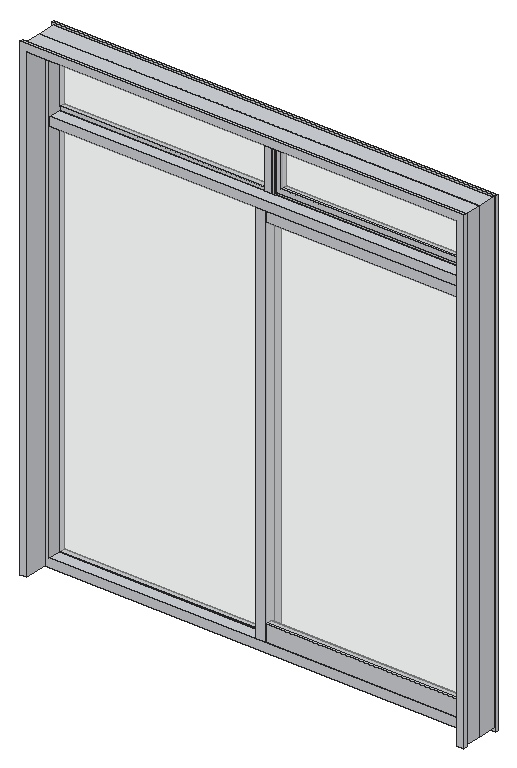
Revit family "APL Residential Thermal Heart Sliding Door SF with Overlight", category Doors, host Wall, Revit 2017 (continued)
Definition of nested family "APL Residential Thermal Heart Sliding Door SF Overlight Horizontal Section"
  Definition of nested family "Jamb Fixed"
    Definition of nested family "65400_Jamb Fixed"
      Lines and regions (mm)
        detail lines, in view "Ref. Level"
          curve 239: arc (70.893, 37, 0) -> (70.996, 37.014, 0) -> (71.093, 37.054, 0) r 0.4
          curve 240: arc (72.621, 37.939, 0) -> (72.911, 38.059, 0) -> (73.222, 38.1, 0) r 1.2
          curve 241: arc (74.145, 38.1, 0) -> (74.718, 38.281, 0) -> (75.084, 38.758, 0) r 1
          curve 242: arc (75.877, 40.937, 0) -> (76.024, 41.128, 0) -> (76.253, 41.2, 0) r 0.4
          curve 243: arc (78.947, 41.2, 0) -> (79.176, 41.128, 0) -> (79.323, 40.937, 0) r 0.4
          curve 244: arc (80.116, 38.758, 0) -> (80.482, 38.281, 0) -> (81.055, 38.1, 0) r 1
          curve 245: arc (81.978, 38.1, 0) -> (82.289, 38.059, 0) -> (82.579, 37.939, 0) r 1.2
          curve 246: arc (84.107, 37.054, 0) -> (84.204, 37.014, 0) -> (84.307, 37, 0) r 0.4
          curve 247: arc (84.6, 37, 0) -> (84.883, 37.117, 0) -> (85, 37.4, 0) r 0.4
          curve 248: arc (85, 40.8, 0) -> (84.883, 41.083, 0) -> (84.6, 41.2, 0) r 0.4
          curve 249: arc (84.307, 41.2, 0) -> (84.204, 41.186, 0) -> (84.107, 41.146, 0) r 0.4
          curve 250: arc (82.579, 40.262, 0) -> (82.285, 40.14, 0) -> (81.97, 40.1, 0) r 1.2
          curve 251: arc (81.97, 40.1, 0) -> (81.795, 40.153, 0) -> (81.684, 40.297, 0) r 0.3
          curve 252: arc (80.796, 42.737, 0) -> (80.649, 42.928, 0) -> (80.42, 43, 0) r 0.4
          curve 253: arc (74.78, 43, 0) -> (74.551, 42.928, 0) -> (74.404, 42.737, 0) r 0.4
          curve 254: arc (73.516, 40.297, 0) -> (73.405, 40.153, 0) -> (73.23, 40.1, 0) r 0.3
          curve 255: arc (73.23, 40.1, 0) -> (72.915, 40.14, 0) -> (72.621, 40.262, 0) r 1.2
          curve 256: arc (71.093, 41.146, 0) -> (70.996, 41.186, 0) -> (70.893, 41.2, 0) r 0.4
          curve 257: arc (70.6, 41.2, 0) -> (70.317, 41.083, 0) -> (70.2, 40.8, 0) r 0.4
          curve 258: line (70.6, 37, 0) -> (70.893, 37, 0)
          curve 259: line (71.093, 37.054, 0) -> (72.621, 37.939, 0)
          curve 260: line (73.222, 38.1, 0) -> (74.145, 38.1, 0)
          curve 261: line (75.084, 38.758, 0) -> (75.877, 40.937, 0)
          curve 262: line (76.253, 41.2, 0) -> (78.947, 41.2, 0)
          curve 263: line (79.323, 40.937, 0) -> (80.116, 38.758, 0)
          curve 264: line (81.055, 38.1, 0) -> (81.978, 38.1, 0)
          curve 265: line (82.579, 37.939, 0) -> (84.107, 37.054, 0)
          curve 266: line (84.307, 37, 0) -> (84.6, 37, 0)
          curve 267: line (85, 37.4, 0) -> (85, 40.8, 0)
          curve 268: line (84.6, 41.2, 0) -> (84.307, 41.2, 0)
          curve 269: line (84.107, 41.146, 0) -> (82.579, 40.262, 0)
          curve 270: line (81.684, 40.297, 0) -> (80.796, 42.737, 0)
          curve 271: line (80.42, 43, 0) -> (74.78, 43, 0)
          curve 272: line (74.404, 42.737, 0) -> (73.516, 40.297, 0)
          curve 273: line (72.621, 40.262, 0) -> (71.093, 41.146, 0)
          curve 274: line (70.893, 41.2, 0) -> (70.6, 41.2, 0)
          curve 275: line (70.2, 40.8, 0) -> (70.2, 37.4, 0)
          curve 276: arc (113.4, 7.123, 0) -> (113.327, 7.05, 0) -> (113.3, 6.95, 0) r 0.2
          curve 277: arc (113.3, 2.75, 0) -> (113.327, 2.65, 0) -> (113.4, 2.577, 0) r 0.2
          curve 278: arc (113.4, 2.577, 0) -> (113.473, 2.504, 0) -> (113.5, 2.404, 0) r 0.2
          curve 279: arc (113.5, 1.2, 0) -> (113.441, 1.059, 0) -> (113.3, 1, 0) r 0.2
          curve 280: arc (111.701, 1, 0) -> (111.559, 1.058, 0) -> (111.5, 1.2, 0) r 0.2
          curve 281: arc (111.5, 2.05, 0) -> (111, 2.549, 0) -> (110.5, 2.05, 0) r 0.5
          curve 282: arc (110.5, 0.5, 0) -> (110.646, 0.146, 0) -> (111, 0, 0) r 0.499
          curve 283: arc (114.5, 0, 0) -> (114.847, 0.153, 0) -> (115, 0.5, 0) r 0.523
          curve 284: arc (115, 21.5, 0) -> (114.856, 21.856, 0) -> (114.5, 22, 0) r 0.493
          curve 285: arc (111.7, 22, 0) -> (111.558, 22.058, 0) -> (111.5, 22.2, 0) r 0.199
          curve 286: arc (111.5, 29.801, 0) -> (110.852, 31.441, 0) -> (109.258, 32.195, 0) r 2.399
          curve 287: arc (109.258, 32.195, 0) -> (108.878, 32.412, 0) -> (108.814, 32.844, 0) r 0.5
          curve 288: arc (108.814, 32.844, 0) -> (109, 34.047, 0) -> (108.816, 35.25, 0) r 4
          curve 289: arc (108.816, 35.25, 0) -> (108.89, 35.696, 0) -> (109.293, 35.9, 0) r 0.5
          curve 290: arc (109.5, 35.9, 0) -> (110.914, 36.486, 0) -> (111.5, 37.9, 0) r 2.001
          curve 291: arc (120.75, 41.5, 0) -> (121.501, 42.253, 0) -> (120.745, 43, 0) r 0.75
          curve 292: arc (111.5, 43, 0) -> (110.439, 42.561, 0) -> (110, 41.5, 0) r 1.5
          curve 293: arc (110, 38, 0) -> (109.941, 37.859, 0) -> (109.8, 37.8, 0) r 0.2
          curve 294: arc (100.5, 37.8, 0) -> (100.146, 37.654, 0) -> (100, 37.3, 0) r 0.5
          curve 295: arc (100, 36.8, 0) -> (100.146, 36.446, 0) -> (100.5, 36.3, 0) r 0.5
          curve 296: arc (101.927, 36.3, 0) -> (102.266, 36.167, 0) -> (102.426, 35.84, 0) r 0.5
          curve 297: arc (102.426, 35.84, 0) -> (102.912, 35.197, 0) -> (103.7, 35.366, 0) r 0.75
          curve 298: arc (103.7, 35.366, 0) -> (105, 35.9, 0) -> (106.3, 35.366, 0) r 1.85
          curve 299: arc (106.3, 35.366, 0) -> (106.442, 35.256, 0) -> (106.607, 35.183, 0) r 0.75
          curve 300: arc (106.607, 35.183, 0) -> (106.791, 35.08, 0) -> (106.916, 34.91, 0) r 0.5
          curve 301: arc (106.916, 34.91, 0) -> (107.1, 34.05, 0) -> (106.916, 33.19, 0) r 2.1
          curve 302: arc (106.916, 33.19, 0) -> (106.791, 33.02, 0) -> (106.607, 32.917, 0) r 0.5
          curve 303: arc (106.607, 32.917, 0) -> (106.442, 32.844, 0) -> (106.3, 32.734, 0) r 0.75
          curve 304: arc (106.3, 32.734, 0) -> (105, 32.2, 0) -> (103.7, 32.734, 0) r 1.85
          curve 305: arc (103.7, 32.734, 0) -> (103.027, 32.936, 0) -> (102.482, 32.491, 0) r 0.75
          curve 306: arc (102.482, 32.491, 0) -> (102.32, 32.284, 0) -> (102.075, 32.188, 0) r 0.5
          curve 307: arc (102.075, 32.188, 0) -> (101.154, 31.86, 0) -> (100.481, 31.15, 0) r 2.1
          curve 308: arc (100.481, 31.15, 0) -> (100.298, 30.967, 0) -> (100.048, 30.9, 0) r 0.5
          curve 309: arc (91.556, 30.9, 0) -> (91.287, 30.978, 0) -> (91.103, 31.188, 0) r 0.5
          curve 310: arc (91.103, 31.188, 0) -> (90.328, 32.071, 0) -> (89.2, 32.4, 0) r 2.1
          curve 311: arc (87.9, 32.4, 0) -> (87.193, 32.693, 0) -> (86.9, 33.4, 0) r 1
          curve 312: arc (86.9, 42.5, 0) -> (86.754, 42.854, 0) -> (86.4, 43, 0) r 0.5
          curve 313: arc (84.083, 43, 0) -> (83.778, 42.801, 0) -> (83.505, 43.043, 0) r 0.3
          curve 314: arc (83.505, 43.043, 0) -> (83.439, 43.181, 0) -> (83.313, 43.268, 0) r 0.3
          curve 315: arc (81.903, 43.782, 0) -> (81.617, 43.738, 0) -> (81.501, 43.474, 0) r 0.3
          curve 316: arc (81.708, 41.108, 0) -> (81.735, 41.008, 0) -> (81.795, 40.922, 0) r 0.3
          curve 317: arc (82.159, 40.559, 0) -> (82.352, 40.507, 0) -> (82.493, 40.648, 0) r 0.2
          curve 318: arc (82.538, 40.816, 0) -> (82.59, 40.905, 0) -> (82.679, 40.957, 0) r 0.2
          curve 319: arc (84.822, 41.49, 0) -> (85.164, 41.343, 0) -> (85.1, 40.976, 0) r 0.3
          curve 320: arc (85.1, 40.976, 0) -> (85.026, 40.875, 0) -> (85, 40.753, 0) r 0.3
          curve 321: arc (85.194, 36.75, 0) -> (85.158, 36.578, 0) -> (85, 36.5, 0) r 0.2
          curve 322: arc (84.479, 36.5, 0) -> (84.398, 36.511, 0) -> (84.323, 36.544, 0) r 0.3
          curve 323: arc (83.069, 37.309, 0) -> (83.063, 37.502, 0) -> (82.92, 37.633, 0) r 0.25
          curve 324: arc (82.92, 37.633, 0) -> (82.65, 37.679, 0) -> (82.5, 37.45, 0) r 0.25
          curve 325: arc (82.5, 35.874, 0) -> (82.582, 35.477, 0) -> (82.815, 35.146, 0) r 1
          curve 326: arc (82.815, 35.146, 0) -> (82.878, 35, 0) -> (82.815, 34.854, 0) r 0.2
          curve 327: arc (82.815, 34.854, 0) -> (82.582, 34.523, 0) -> (82.5, 34.126, 0) r 1
          curve 328: arc (82.5, 32.55, 0) -> (82.628, 32.332, 0) -> (82.88, 32.337, 0) r 0.25
          curve 329: arc (82.966, 32.389, 0) -> (83.072, 32.521, 0) -> (83.069, 32.691, 0) r 0.25
          curve 330: arc (84.323, 33.456, 0) -> (84.398, 33.489, 0) -> (84.479, 33.5, 0) r 0.3
          curve 331: arc (85, 33.5, 0) -> (85.158, 33.423, 0) -> (85.194, 33.25, 0) r 0.2
          curve 332: arc (85, 29.247, 0) -> (85.026, 29.125, 0) -> (85.1, 29.024, 0) r 0.3
          curve 333: arc (85.1, 29.024, 0) -> (85.164, 28.657, 0) -> (84.822, 28.51, 0) r 0.3
          curve 334: arc (82.679, 29.043, 0) -> (82.59, 29.095, 0) -> (82.538, 29.184, 0) r 0.2
          curve 335: arc (82.493, 29.352, 0) -> (82.352, 29.493, 0) -> (82.159, 29.441, 0) r 0.2
          curve 336: arc (81.795, 29.078, 0) -> (81.735, 28.992, 0) -> (81.708, 28.892, 0) r 0.3
          curve 337: arc (81.501, 26.526, 0) -> (81.617, 26.262, 0) -> (81.903, 26.218, 0) r 0.3
          curve 338: arc (83.313, 26.732, 0) -> (83.439, 26.819, 0) -> (83.505, 26.957, 0) r 0.3
          curve 339: arc (83.505, 26.957, 0) -> (83.778, 27.199, 0) -> (84.083, 27, 0) r 0.3
          curve 340: arc (86.7, 27, 0) -> (86.841, 27.059, 0) -> (86.9, 27.2, 0) r 0.2
          curve 341: arc (86.9, 30.3, 0) -> (86.959, 30.441, 0) -> (87.1, 30.5, 0) r 0.2
          curve 342: arc (89.2, 30.5, 0) -> (89.341, 30.441, 0) -> (89.4, 30.3, 0) r 0.2
          curve 343: arc (89.4, 29.2, 0) -> (89.459, 29.059, 0) -> (89.6, 29, 0) r 0.2
          curve 344: arc (101.9, 29, 0) -> (102.042, 29.059, 0) -> (102.1, 29.2, 0) r 0.2
          curve 345: arc (102.1, 30.1, 0) -> (102.159, 30.241, 0) -> (102.3, 30.3, 0) r 0.2
          curve 346: arc (109.1, 30.3, 0) -> (109.454, 30.154, 0) -> (109.6, 29.8, 0) r 0.5
          curve 347: arc (109.6, 28.5, 0) -> (109.541, 28.359, 0) -> (109.4, 28.3, 0) r 0.2
          curve 348: arc (107.3, 28.3, 0) -> (107.159, 28.241, 0) -> (107.1, 28.1, 0) r 0.2
          curve 349: arc (107.1, 27.2, 0) -> (107.159, 27.059, 0) -> (107.3, 27, 0) r 0.2
          curve 350: arc (109.5, 27, 0) -> (109.854, 26.854, 0) -> (110, 26.5, 0) r 0.5
          curve 351: arc (110, 20.2, 0) -> (110.146, 19.846, 0) -> (110.5, 19.7, 0) r 0.5
          curve 352: arc (111.3, 19.7, 0) -> (111.441, 19.759, 0) -> (111.5, 19.9, 0) r 0.2
          curve 353: arc (113.3, 20.7, 0) -> (113.441, 20.641, 0) -> (113.5, 20.5, 0) r 0.2
          curve 354: arc (113.5, 15.6, 0) -> (113.1, 15.2, 0) -> (113.5, 14.8, 0) r 0.4
          curve 355: arc (113.5, 9.9, 0) -> (113.441, 9.759, 0) -> (113.3, 9.7, 0) r 0.2
          curve 356: arc (111.5, 10.3, 0) -> (111.383, 10.583, 0) -> (111.1, 10.7, 0) r 0.4
          curve 357: arc (111, 10.7, 0) -> (110.646, 10.553, 0) -> (110.5, 10.2, 0) r 0.5
          curve 358: arc (110.5, 7.65, 0) -> (111, 7.15, 0) -> (111.5, 7.65, 0) r 0.5
          curve 359: arc (111.5, 8.5, 0) -> (111.559, 8.641, 0) -> (111.7, 8.7, 0) r 0.2
          curve 360: arc (113.3, 8.7, 0) -> (113.441, 8.641, 0) -> (113.5, 8.5, 0) r 0.2
          curve 361: line (113.3, 6.95, 0) -> (113.3, 2.75, 0)
          curve 362: line (113.5, 2.404, 0) -> (113.5, 1.2, 0)
          curve 363: line (113.3, 1, 0) -> (111.701, 1, 0)
          curve 364: line (111.5, 1.2, 0) -> (111.5, 2.05, 0)
          curve 365: line (110.5, 2.05, 0) -> (110.5, 0.5, 0)
          curve 366: line (111, 0, 0) -> (114.5, 0, 0)
          curve 367: line (115, 0.5, 0) -> (115, 21.5, 0)
          curve 368: line (114.5, 22, 0) -> (111.7, 22, 0)
          curve 369: line (111.5, 22.2, 0) -> (111.5, 29.801, 0)
          curve 370: line (109.293, 35.9, 0) -> (109.5, 35.9, 0)
          curve 371: line (111.5, 37.9, 0) -> (111.5, 41.5, 0)
          curve 372: line (111.5, 41.5, 0) -> (120.75, 41.5, 0)
          curve 373: line (120.745, 43, 0) -> (119, 43, 0)
          curve 374: line (119, 43, 0) -> (118.6, 42.6, 0)
          curve 375: line (118.6, 42.6, 0) -> (112.3, 42.6, 0)
          curve 376: line (112.3, 42.6, 0) -> (111.9, 43, 0)
          curve 377: line (111.9, 43, 0) -> (111.5, 43, 0)
          curve 378: line (110, 41.5, 0) -> (110, 38, 0)
          curve 379: line (109.8, 37.8, 0) -> (100.5, 37.8, 0)
          curve 380: line (100, 37.3, 0) -> (100, 36.8, 0)
          curve 381: line (100.5, 36.3, 0) -> (101.927, 36.3, 0)
          curve 382: line (100.048, 30.9, 0) -> (91.556, 30.9, 0)
          curve 383: line (89.2, 32.4, 0) -> (87.9, 32.4, 0)
          curve 384: line (86.9, 33.4, 0) -> (86.9, 42.5, 0)
          curve 385: line (86.4, 43, 0) -> (84.083, 43, 0)
          curve 386: line (83.313, 43.268, 0) -> (81.903, 43.782, 0)
          curve 387: line (81.501, 43.474, 0) -> (81.708, 41.108, 0)
          curve 388: line (81.795, 40.922, 0) -> (82.159, 40.559, 0)
          curve 389: line (82.493, 40.648, 0) -> (82.538, 40.816, 0)
          curve 390: line (82.679, 40.957, 0) -> (84.812, 41.528, 0)
          curve 391: line (85, 40.753, 0) -> (85, 37.525, 0)
          curve 392: line (85, 37.5, 0) -> (85.194, 36.75, 0)
          curve 393: line (85, 36.5, 0) -> (84.479, 36.5, 0)
          curve 394: line (84.323, 36.544, 0) -> (83.069, 37.309, 0)
          curve 395: line (82.5, 37.45, 0) -> (82.5, 35.874, 0)
          curve 396: line (82.5, 34.126, 0) -> (82.5, 32.55, 0)
          curve 397: line (83.069, 32.691, 0) -> (84.323, 33.456, 0)
          curve 398: line (84.479, 33.5, 0) -> (85, 33.5, 0)
          curve 399: line (85.194, 33.25, 0) -> (85, 32.5, 0)
          curve 400: line (85, 32.475, 0) -> (85, 29.248, 0)
          curve 401: line (84.812, 28.472, 0) -> (82.679, 29.043, 0)
          curve 402: line (82.538, 29.184, 0) -> (82.493, 29.352, 0)
          curve 403: line (82.159, 29.441, 0) -> (81.795, 29.078, 0)
          curve 404: line (81.708, 28.892, 0) -> (81.501, 26.526, 0)
          curve 405: line (81.903, 26.218, 0) -> (83.313, 26.732, 0)
          curve 406: line (84.083, 27, 0) -> (86.7, 27, 0)
          curve 407: line (86.9, 27.2, 0) -> (86.9, 30.3, 0)
          curve 408: line (87.1, 30.5, 0) -> (89.2, 30.5, 0)
          curve 409: line (89.4, 30.3, 0) -> (89.4, 29.2, 0)
          curve 410: line (89.6, 29, 0) -> (95.4, 29, 0)
          curve 411: line (95.4, 29, 0) -> (95.8, 29.4, 0)
          curve 412: line (95.8, 29.4, 0) -> (96.2, 29, 0)
          curve 413: line (96.2, 29, 0) -> (101.9, 29, 0)
          curve 414: line (102.1, 29.2, 0) -> (102.1, 30.1, 0)
          curve 415: line (102.3, 30.3, 0) -> (109.1, 30.3, 0)
          curve 416: line (109.6, 29.8, 0) -> (109.6, 28.5, 0)
          curve 417: line (109.4, 28.3, 0) -> (107.3, 28.3, 0)
          curve 418: line (107.1, 28.1, 0) -> (107.1, 27.2, 0)
          curve 419: line (107.3, 27, 0) -> (109.5, 27, 0)
          curve 420: line (110, 26.5, 0) -> (110, 20.2, 0)
          curve 421: line (110.5, 19.7, 0) -> (111.3, 19.7, 0)
          curve 422: line (111.5, 19.9, 0) -> (111.5, 20.7, 0)
          curve 423: line (111.5, 20.7, 0) -> (113.3, 20.7, 0)
          curve 424: line (113.5, 20.5, 0) -> (113.5, 15.6, 0)
          curve 425: line (113.5, 14.8, 0) -> (113.5, 9.9, 0)
          curve 426: line (113.3, 9.7, 0) -> (111.5, 9.7, 0)
          curve 427: line (111.5, 9.7, 0) -> (111.5, 10.3, 0)
          curve 428: line (110.5, 10.2, 0) -> (110.5, 7.65, 0)
          curve 429: line (111.5, 7.65, 0) -> (111.5, 8.5, 0)
          curve 430: line (111.7, 8.7, 0) -> (113.3, 8.7, 0)
          curve 431: line (113.5, 8.5, 0) -> (113.5, 7.296, 0)
          curve 432: arc (113.5, 7.296, 0) -> (113.473, 7.196, 0) -> (113.4, 7.123, 0) r 0.2
          curve 433: arc (12.7, 24.6, 0) -> (12.817, 24.883, 0) -> (13.1, 25, 0) r 0.4
          curve 434: arc (13.393, 25, 0) -> (13.496, 24.986, 0) -> (13.593, 24.946, 0) r 0.4
          curve 435: arc (15.121, 24.062, 0) -> (15.411, 23.941, 0) -> (15.722, 23.9, 0) r 1.2
          curve 436: arc (16.645, 23.9, 0) -> (17.218, 23.719, 0) -> (17.584, 23.242, 0) r 1
          curve 437: arc (18.377, 21.063, 0) -> (18.524, 20.872, 0) -> (18.753, 20.8, 0) r 0.4
          curve 438: arc (21.447, 20.8, 0) -> (21.676, 20.872, 0) -> (21.823, 21.063, 0) r 0.4
          curve 439: arc (22.616, 23.242, 0) -> (22.982, 23.719, 0) -> (23.555, 23.9, 0) r 1
          curve 440: arc (24.478, 23.9, 0) -> (24.789, 23.941, 0) -> (25.079, 24.062, 0) r 1.2
          curve 441: arc (26.607, 24.946, 0) -> (26.704, 24.986, 0) -> (26.807, 25, 0) r 0.4
          curve 442: arc (27.1, 25, 0) -> (27.383, 24.883, 0) -> (27.5, 24.6, 0) r 0.4
          curve 443: arc (27.5, 21.2, 0) -> (27.383, 20.917, 0) -> (27.1, 20.8, 0) r 0.4
          curve 444: arc (26.807, 20.8, 0) -> (26.704, 20.814, 0) -> (26.607, 20.854, 0) r 0.4
          curve 445: arc (25.079, 21.739, 0) -> (24.785, 21.86, 0) -> (24.47, 21.9, 0) r 1.2
          curve 446: arc (24.47, 21.9, 0) -> (24.295, 21.847, 0) -> (24.184, 21.703, 0) r 0.3
          curve 447: arc (23.296, 19.263, 0) -> (23.149, 19.072, 0) -> (22.92, 19, 0) r 0.4
          curve 448: arc (17.28, 19, 0) -> (17.051, 19.072, 0) -> (16.904, 19.263, 0) r 0.4
          curve 449: arc (16.016, 21.703, 0) -> (15.905, 21.847, 0) -> (15.73, 21.9, 0) r 0.3
          curve 450: arc (15.73, 21.9, 0) -> (15.415, 21.86, 0) -> (15.121, 21.739, 0) r 1.2
          curve 451: arc (13.593, 20.854, 0) -> (13.496, 20.814, 0) -> (13.393, 20.8, 0) r 0.4
          curve 452: arc (13.1, 20.8, 0) -> (12.817, 20.917, 0) -> (12.7, 21.2, 0) r 0.4
          curve 453: line (13.1, 25, 0) -> (13.393, 25, 0)
          curve 454: line (13.593, 24.946, 0) -> (15.121, 24.062, 0)
          curve 455: line (15.722, 23.9, 0) -> (16.645, 23.9, 0)
          curve 456: line (17.584, 23.242, 0) -> (18.377, 21.063, 0)
          curve 457: line (18.753, 20.8, 0) -> (21.447, 20.8, 0)
          curve 458: line (21.823, 21.063, 0) -> (22.616, 23.242, 0)
          curve 459: line (23.555, 23.9, 0) -> (24.478, 23.9, 0)
          curve 460: line (25.079, 24.062, 0) -> (26.607, 24.946, 0)
          curve 461: line (26.807, 25, 0) -> (27.1, 25, 0)
          curve 462: line (27.5, 24.6, 0) -> (27.5, 21.2, 0)
          curve 463: line (27.1, 20.8, 0) -> (26.807, 20.8, 0)
          curve 464: line (26.607, 20.854, 0) -> (25.079, 21.739, 0)
          curve 465: line (24.184, 21.703, 0) -> (23.296, 19.263, 0)
          curve 466: line (22.92, 19, 0) -> (17.28, 19, 0)
          curve 467: line (16.904, 19.263, 0) -> (16.016, 21.703, 0)
          curve 468: line (15.121, 21.739, 0) -> (13.593, 20.854, 0)
          curve 469: line (13.393, 20.8, 0) -> (13.1, 20.8, 0)
          curve 470: line (12.7, 21.2, 0) -> (12.7, 24.6, 0)
          curve 471: arc (12.7, 40.8, 0) -> (12.817, 41.083, 0) -> (13.1, 41.2, 0) r 0.4
          curve 472: arc (13.393, 41.2, 0) -> (13.496, 41.186, 0) -> (13.593, 41.146, 0) r 0.4
          curve 473: arc (15.121, 40.262, 0) -> (15.411, 40.141, 0) -> (15.722, 40.1, 0) r 1.2
          curve 474: arc (16.645, 40.1, 0) -> (17.218, 39.919, 0) -> (17.584, 39.442, 0) r 1
          curve 475: arc (18.377, 37.263, 0) -> (18.524, 37.072, 0) -> (18.753, 37, 0) r 0.4
          curve 476: arc (21.447, 37, 0) -> (21.676, 37.072, 0) -> (21.823, 37.263, 0) r 0.4
          curve 477: arc (22.616, 39.442, 0) -> (22.982, 39.919, 0) -> (23.555, 40.1, 0) r 1
          curve 478: arc (24.478, 40.1, 0) -> (24.789, 40.141, 0) -> (25.079, 40.262, 0) r 1.2
          curve 479: arc (26.607, 41.146, 0) -> (26.704, 41.186, 0) -> (26.807, 41.2, 0) r 0.4
          curve 480: arc (27.1, 41.2, 0) -> (27.383, 41.083, 0) -> (27.5, 40.8, 0) r 0.4
          curve 481: arc (27.5, 37.4, 0) -> (27.383, 37.117, 0) -> (27.1, 37, 0) r 0.4
          curve 482: arc (26.807, 37, 0) -> (26.704, 37.014, 0) -> (26.607, 37.054, 0) r 0.4
          curve 483: arc (25.079, 37.939, 0) -> (24.785, 38.06, 0) -> (24.47, 38.1, 0) r 1.2
          curve 484: arc (24.47, 38.1, 0) -> (24.295, 38.047, 0) -> (24.184, 37.903, 0) r 0.3
          curve 485: arc (23.296, 35.463, 0) -> (23.149, 35.272, 0) -> (22.92, 35.2, 0) r 0.4
          curve 486: arc (17.28, 35.2, 0) -> (17.051, 35.272, 0) -> (16.904, 35.463, 0) r 0.4
          curve 487: arc (16.016, 37.903, 0) -> (15.905, 38.047, 0) -> (15.73, 38.1, 0) r 0.3
          curve 488: arc (15.73, 38.1, 0) -> (15.415, 38.06, 0) -> (15.121, 37.939, 0) r 1.2
          curve 489: arc (13.593, 37.054, 0) -> (13.496, 37.014, 0) -> (13.393, 37, 0) r 0.4
          curve 490: arc (13.1, 37, 0) -> (12.817, 37.117, 0) -> (12.7, 37.4, 0) r 0.4
          curve 491: line (13.1, 41.2, 0) -> (13.393, 41.2, 0)
          curve 492: line (13.593, 41.146, 0) -> (15.121, 40.262, 0)
          curve 493: line (15.722, 40.1, 0) -> (16.645, 40.1, 0)
          curve 494: line (17.584, 39.442, 0) -> (18.377, 37.263, 0)
          curve 495: line (18.753, 37, 0) -> (21.447, 37, 0)
          curve 496: line (21.823, 37.263, 0) -> (22.616, 39.442, 0)
          curve 497: line (23.555, 40.1, 0) -> (24.478, 40.1, 0)
          curve 498: line (25.079, 40.262, 0) -> (26.607, 41.146, 0)
          curve 499: line (26.807, 41.2, 0) -> (27.1, 41.2, 0)
          curve 500: line (27.5, 40.8, 0) -> (27.5, 37.4, 0)
          curve 501: line (27.1, 37, 0) -> (26.807, 37, 0)
          curve 502: line (26.607, 37.054, 0) -> (25.079, 37.939, 0)
          curve 503: line (24.184, 37.903, 0) -> (23.296, 35.463, 0)
          curve 504: line (22.92, 35.2, 0) -> (17.28, 35.2, 0)
          curve 505: line (16.904, 35.463, 0) -> (16.016, 37.903, 0)
          curve 506: line (15.121, 37.939, 0) -> (13.593, 37.054, 0)
          curve 507: line (13.393, 37, 0) -> (13.1, 37, 0)
          curve 508: line (12.7, 37.4, 0) -> (12.7, 40.8, 0)
          curve 509: arc (10.8, 36.502, 0) -> (11.356, 35.157, 0) -> (12.7, 34.6, 0) r 1.9
          curve 510: arc (13.1, 34.6, 0) -> (13.241, 34.541, 0) -> (13.3, 34.4, 0) r 0.2
          curve 511: arc (13.3, 27.6, 0) -> (13.241, 27.459, 0) -> (13.1, 27.4, 0) r 0.2
          curve 512: arc (11, 27.4, 0) -> (10.859, 27.341, 0) -> (10.8, 27.2, 0) r 0.2
          curve 513: arc (10.8, 26.717, 0) -> (10.741, 26.575, 0) -> (10.6, 26.517, 0) r 0.2
          curve 514: arc (1.9, 26.517, 0) -> (1.546, 26.663, 0) -> (1.4, 27.017, 0) r 0.5
          curve 515: arc (1.4, 40.755, 0) -> (1.521, 41.369, 0) -> (1.869, 41.889, 0) r 1.6
          curve 516: arc (6.387, 46.407, 0) -> (6.711, 46.624, 0) -> (7.094, 46.7, 0) r 1
          curve 517: arc (9.8, 46.7, 0) -> (10.507, 46.407, 0) -> (10.8, 45.7, 0) r 1
          curve 518: arc (1.665, 19.379, 0) -> (1.729, 19.478, 0) -> (1.725, 19.597, 0) r 0.2
          curve 519: arc (1.725, 19.597, 0) -> (1.621, 19.766, 0) -> (1.453, 19.873, 0) r 0.45
          curve 520: arc (1.453, 19.873, 0) -> (1.357, 19.948, 0) -> (1.322, 20.064, 0) r 0.2
          curve 521: arc (1.379, 24.919, 0) -> (1.438, 25.059, 0) -> (1.579, 25.117, 0) r 0.2
          curve 522: arc (10.6, 25.117, 0) -> (10.741, 25.058, 0) -> (10.8, 24.917, 0) r 0.2
          curve 523: arc (10.8, 20.828, 0) -> (10.773, 20.728, 0) -> (10.7, 20.655, 0) r 0.2
          curve 524: arc (9.6, 20.02, 0) -> (9.38, 19.8, 0) -> (9.3, 19.5, 0) r 0.6
          curve 525: arc (9.3, 19.2, 0) -> (9.359, 19.059, 0) -> (9.5, 19, 0) r 0.2
          curve 526: arc (13.617, 19, 0) -> (13.922, 19.199, 0) -> (14.195, 18.957, 0) r 0.3
          curve 527: arc (14.195, 18.957, 0) -> (14.261, 18.819, 0) -> (14.387, 18.732, 0) r 0.3
          curve 528: arc (15.797, 18.218, 0) -> (16.083, 18.262, 0) -> (16.199, 18.526, 0) r 0.3
          curve 529: arc (15.992, 20.892, 0) -> (15.965, 20.992, 0) -> (15.905, 21.078, 0) r 0.3
          curve 530: arc (15.541, 21.441, 0) -> (15.348, 21.493, 0) -> (15.207, 21.352, 0) r 0.2
          curve 531: arc (15.162, 21.184, 0) -> (15.11, 21.095, 0) -> (15.021, 21.043, 0) r 0.2
          curve 532: arc (12.878, 20.51, 0) -> (12.536, 20.657, 0) -> (12.6, 21.024, 0) r 0.3
          curve 533: arc (12.6, 21.024, 0) -> (12.674, 21.125, 0) -> (12.7, 21.247, 0) r 0.3
          curve 534: arc (12.506, 25.25, 0) -> (12.542, 25.422, 0) -> (12.7, 25.5, 0) r 0.2
          curve 535: arc (13.221, 25.5, 0) -> (13.302, 25.489, 0) -> (13.377, 25.456, 0) r 0.3
          curve 536: arc (14.631, 24.691, 0) -> (14.637, 24.498, 0) -> (14.78, 24.367, 0) r 0.25
          curve 537: arc (14.78, 24.367, 0) -> (15.05, 24.321, 0) -> (15.2, 24.55, 0) r 0.25
          curve 538: arc (15.2, 34.401, 0) -> (15.259, 34.542, 0) -> (15.4, 34.6, 0) r 0.2
          curve 539: arc (16.479, 34.6, 0) -> (16.643, 34.685, 0) -> (16.667, 34.868, 0) r 0.2
          curve 540: arc (15.775, 37.318, 0) -> (15.702, 37.414, 0) -> (15.587, 37.45, 0) r 0.2
          curve 541: arc (15.353, 37.45, 0) -> (15.248, 37.48, 0) -> (15.174, 37.561, 0) r 0.2
          curve 542: arc (15.174, 37.561, 0) -> (14.995, 37.696, 0) -> (14.78, 37.633, 0) r 0.25
          curve 543: arc (14.78, 37.633, 0) -> (14.637, 37.502, 0) -> (14.631, 37.309, 0) r 0.25
          curve 544: arc (13.377, 36.544, 0) -> (13.302, 36.511, 0) -> (13.221, 36.5, 0) r 0.3
          curve 545: arc (12.7, 36.5, 0) -> (12.542, 36.578, 0) -> (12.506, 36.75, 0) r 0.2
          curve 546: arc (12.7, 40.753, 0) -> (12.674, 40.875, 0) -> (12.6, 40.976, 0) r 0.3
          curve 547: arc (12.6, 40.976, 0) -> (12.536, 41.343, 0) -> (12.878, 41.49, 0) r 0.3
          curve 548: arc (15.021, 40.957, 0) -> (15.11, 40.905, 0) -> (15.162, 40.816, 0) r 0.2
          curve 549: arc (15.207, 40.648, 0) -> (15.348, 40.507, 0) -> (15.541, 40.559, 0) r 0.2
          curve 550: arc (15.905, 40.922, 0) -> (15.965, 41.008, 0) -> (15.992, 41.108, 0) r 0.3
          curve 551: arc (16.199, 43.474, 0) -> (16.083, 43.738, 0) -> (15.797, 43.782, 0) r 0.3
          curve 552: arc (14.387, 43.268, 0) -> (14.261, 43.181, 0) -> (14.195, 43.043, 0) r 0.3
          curve 553: arc (14.195, 43.043, 0) -> (13.922, 42.801, 0) -> (13.617, 43, 0) r 0.3
          curve 554: arc (12.6, 43, 0) -> (12.459, 43.059, 0) -> (12.4, 43.2, 0) r 0.2
          curve 555: arc (12.4, 45.696, 0) -> (11.64, 47.537, 0) -> (9.8, 48.3, 0) r 2.6
          curve 556: arc (7.9, 48.3, 0) -> (7.547, 48.446, 0) -> (7.4, 48.8, 0) r 0.5
          curve 557: arc (7.4, 56.402, 0) -> (7.508, 56.581, 0) -> (7.716, 56.566, 0) r 0.2
          curve 558: arc (7.716, 56.566, 0) -> (8.721, 56.692, 0) -> (8.684, 57.705, 0) r 0.75
          curve 559: arc (8.684, 57.705, 0) -> (8.15, 59.005, 0) -> (8.684, 60.305, 0) r 1.85
          curve 560: arc (8.684, 60.305, 0) -> (8.794, 60.447, 0) -> (8.867, 60.612, 0) r 0.75
          curve 561: arc (8.867, 60.612, 0) -> (8.97, 60.796, 0) -> (9.14, 60.921, 0) r 0.5
          curve 562: arc (9.14, 60.921, 0) -> (10, 61.105, 0) -> (10.86, 60.921, 0) r 2.1
          curve 563: arc (10.86, 60.921, 0) -> (11.03, 60.796, 0) -> (11.133, 60.612, 0) r 0.5
          curve 564: arc (11.133, 60.612, 0) -> (11.206, 60.447, 0) -> (11.316, 60.305, 0) r 0.75
          curve 565: arc (11.316, 60.305, 0) -> (11.85, 59.005, 0) -> (11.316, 57.705, 0) r 1.85
          curve 566: arc (11.316, 57.705, 0) -> (11.323, 56.644, 0) -> (12.384, 56.651, 0) r 0.75
          curve 567: arc (12.384, 56.651, 0) -> (13.348, 58.881, 0) -> (12.551, 61.176, 0) r 3.35
          curve 568: arc (12.551, 61.176, 0) -> (12.478, 61.71, 0) -> (12.932, 62, 0) r 0.5
          curve 569: arc (13.15, 62, 0) -> (13.291, 62.059, 0) -> (13.35, 62.2, 0) r 0.2
          curve 570: arc (13.35, 62.5, 0) -> (13.204, 62.854, 0) -> (12.85, 63, 0) r 0.5
          curve 571: arc (7, 63, 0) -> (6.293, 62.707, 0) -> (6, 62, 0) r 1
          curve 572: arc (6, 49.243, 0) -> (5.772, 48.095, 0) -> (5.121, 47.121, 0) r 3
          curve 573: arc (0.879, 42.879, 0) -> (0.228, 41.905, 0) -> (0, 40.757, 0) r 3
          curve 574: arc (0, 19.2, 0) -> (0.059, 19.059, 0) -> (0.2, 19, 0) r 0.2
          curve 575: line (10.8, 45.7, 0) -> (10.8, 36.502, 0)
          curve 576: line (12.7, 34.6, 0) -> (13.1, 34.6, 0)
          curve 577: line (13.3, 34.4, 0) -> (13.3, 27.6, 0)
          curve 578: line (13.1, 27.4, 0) -> (11, 27.4, 0)
          curve 579: line (10.8, 27.2, 0) -> (10.8, 26.717, 0)
          curve 580: line (10.6, 26.517, 0) -> (1.9, 26.517, 0)
          curve 581: line (1.4, 27.017, 0) -> (1.4, 40.755, 0)
          curve 582: line (1.869, 41.889, 0) -> (6.387, 46.407, 0)
          curve 583: line (7.094, 46.7, 0) -> (9.8, 46.7, 0)
          curve 584: line (1.322, 20.064, 0) -> (1.379, 24.919, 0)
          curve 585: line (1.579, 25.117, 0) -> (10.6, 25.117, 0)
          curve 586: line (10.8, 24.917, 0) -> (10.8, 20.828, 0)
          curve 587: line (10.7, 20.655, 0) -> (9.6, 20.02, 0)
          curve 588: line (9.3, 19.5, 0) -> (9.3, 19.2, 0)
          curve 589: line (9.5, 19, 0) -> (13.617, 19, 0)
          curve 590: line (14.387, 18.732, 0) -> (15.797, 18.218, 0)
          curve 591: line (16.199, 18.526, 0) -> (15.992, 20.892, 0)
          curve 592: line (15.905, 21.078, 0) -> (15.541, 21.441, 0)
          curve 593: line (15.207, 21.352, 0) -> (15.162, 21.184, 0)
          curve 594: line (15.021, 21.043, 0) -> (12.888, 20.472, 0)
          curve 595: line (12.7, 21.247, 0) -> (12.7, 24.475, 0)
          curve 596: line (12.7, 24.5, 0) -> (12.506, 25.25, 0)
          curve 597: line (12.7, 25.5, 0) -> (13.221, 25.5, 0)
          curve 598: line (13.377, 25.456, 0) -> (14.631, 24.691, 0)
          curve 599: line (15.2, 24.55, 0) -> (15.2, 26.126, 0)
          curve 600: line (15.2, 26.126, 0) -> (15.2, 34.401, 0)
          curve 601: line (15.4, 34.6, 0) -> (16.479, 34.6, 0)
          curve 602: line (16.667, 34.868, 0) -> (15.775, 37.318, 0)
          curve 603: line (15.587, 37.45, 0) -> (15.353, 37.45, 0)
          curve 604: line (14.631, 37.309, 0) -> (13.377, 36.544, 0)
          curve 605: line (13.221, 36.5, 0) -> (12.7, 36.5, 0)
          curve 606: line (12.506, 36.75, 0) -> (12.7, 37.5, 0)
          curve 607: line (12.7, 37.525, 0) -> (12.7, 40.753, 0)
          curve 608: line (12.888, 41.528, 0) -> (15.021, 40.957, 0)
          curve 609: line (15.162, 40.816, 0) -> (15.207, 40.648, 0)
          curve 610: line (15.541, 40.559, 0) -> (15.905, 40.922, 0)
          curve 611: line (15.992, 41.108, 0) -> (16.199, 43.474, 0)
          curve 612: line (15.797, 43.782, 0) -> (14.387, 43.268, 0)
          curve 613: line (13.617, 43, 0) -> (12.6, 43, 0)
          curve 614: line (12.4, 43.2, 0) -> (12.4, 45.696, 0)
          curve 615: line (9.8, 48.3, 0) -> (7.9, 48.3, 0)
          curve 616: line (7.4, 48.8, 0) -> (7.4, 56.402, 0)
          curve 617: line (12.932, 62, 0) -> (13.15, 62, 0)
          curve 618: line (13.35, 62.2, 0) -> (13.35, 62.5, 0)
          curve 619: line (12.85, 63, 0) -> (7, 63, 0)
          curve 620: line (6, 62, 0) -> (6, 49.243, 0)
          curve 621: line (5.121, 47.121, 0) -> (0.879, 42.879, 0)
          curve 622: line (0, 40.757, 0) -> (0, 19.2, 0)
          curve 623: line (0.2, 19, 0) -> (1.214, 19, 0)
          curve 624: line (1.214, 19, 0) -> (1.665, 19.379, 0)
      Text (mm)
        text "65400" at (42.552, 67.011, 0), in view "Ref. Level"
    Definition of nested family "65585_Infill"
      Reference planes
        plane 1 "Center (Front/Back)": y = 0
        plane 2: z = 0
        plane 3 "Center (Left/Right)": x = 0
      Lines and regions (mm)
        model lines, in view "Ref. Level"
          curve 1: arc (0.752, -3.072, 0) -> (0.936, -2.765, 0) -> (1, -2.413, 0) r 1
          curve 2: arc (1, -2, 0) -> (1.146, -1.646, 0) -> (1.5, -1.5, 0) r 0.5
          curve 3: arc (36.55, -1.5, 0) -> (36.904, -1.646, 0) -> (37.05, -2, 0) r 0.5
          curve 4: arc (37.05, -2.542, 0) -> (37.582, -3.901, 0) -> (38.896, -4.536, 0) r 2
          curve 5: arc (38.896, -4.536, 0) -> (39.7, -4.528, 0) -> (40.49, -4.38, 0) r 4.6
          curve 6: arc (40.49, -4.38, 0) -> (40.927, -4.463, 0) -> (41.125, -4.861, 0) r 0.5
          curve 7: arc (41.125, -5.356, 0) -> (41.077, -5.571, 0) -> (40.941, -5.744, 0) r 0.5
          curve 8: arc (40.941, -5.744, 0) -> (40.536, -5.965, 0) -> (40.078, -6.026, 0) r 1.261
          curve 9: arc (40.078, -6.026, 0) -> (38.967, -6.436, 0) -> (38.5, -7.524, 0) r 1.5
          curve 10: arc (38.5, -11, 0) -> (38.793, -11.707, 0) -> (39.5, -12, 0) r 1
          curve 11: arc (41.5, -12, 0) -> (42, -11.5, 0) -> (41.5, -11, 0) r 0.5
          curve 12: arc (39.5, -7.524, 0) -> (39.656, -7.161, 0) -> (40.026, -7.024, 0) r 0.5
          curve 13: arc (40.026, -7.024, 0) -> (41.175, -6.779, 0) -> (42.045, -5.99, 0) r 2.261
          curve 14: arc (42.045, -5.99, 0) -> (42.105, -5.861, 0) -> (42.125, -5.72, 0) r 0.5
          curve 15: arc (42.125, -3.292, 0) -> (41.854, -2.848, 0) -> (41.335, -2.884, 0) r 0.5
          curve 16: arc (41.335, -2.884, 0) -> (40.212, -3.419, 0) -> (38.973, -3.539, 0) r 3.6
          curve 17: arc (38.973, -3.539, 0) -> (38.316, -3.222, 0) -> (38.05, -2.542, 0) r 1
          curve 18: arc (38.05, -2.011, 0) -> (38.088, -1.819, 0) -> (38.196, -1.657, 0) r 0.5
          curve 19: arc (39.427, -0.427, 0) -> (39.481, -0.154, 0) -> (39.25, 0, 0) r 0.25
          curve 20: arc (0.5, 0, 0) -> (0.146, -0.146, 0) -> (0, -0.5, 0) r 0.5
          curve 21: line (1, -2.413, 0) -> (1, -2, 0)
          curve 22: line (1.5, -1.5, 0) -> (36.55, -1.5, 0)
          curve 23: line (37.05, -2, 0) -> (37.05, -2.542, 0)
          curve 24: line (41.125, -4.861, 0) -> (41.125, -5.356, 0)
          curve 25: line (38.5, -7.524, 0) -> (38.5, -11, 0)
          curve 26: line (39.5, -12, 0) -> (41.5, -12, 0)
          curve 27: line (41.5, -11, 0) -> (39.5, -11, 0)
          curve 28: line (39.5, -11, 0) -> (39.5, -7.524, 0)
          curve 29: line (42.125, -5.72, 0) -> (42.125, -3.292, 0)
          curve 30: line (38.05, -2.542, 0) -> (38.05, -2.011, 0)
          curve 31: line (38.196, -1.657, 0) -> (39.427, -0.427, 0)
          curve 32: line (39.25, 0, 0) -> (0.5, 0, 0)
          curve 33: line (0, -0.5, 0) -> (0, -2.413, 0)
          curve 34: arc (0, -2.413, 0) -> (-0.837, -6.153, 0) -> (1.856, -8.881, 0) r 4
          curve 35: arc (1.856, -8.881, 0) -> (2.479, -8.546, 0) -> (2.144, -7.923, 0) r 0.5
          curve 36: arc (2.144, -7.923, 0) -> (0.124, -5.878, 0) -> (0.752, -3.072, 0) r 3
      Text (mm)
        text "65585" at (9.33, 14.342, 0), in view "Ref. Level"
  Definition of nested family "Glazing Bead"
    Parameters (values of type "Glazing Bead")
      Glass Lenght [instance] = 50 mm
    Reference planes
      plane 1 "Center (Front/Back)": y = 0
      plane 2: z = 0
      plane 3 "Center (Left/Right)": x = 0
      plane 4: y = -50
    Lines and regions (mm)
      Filled region 1, type "Solid Fill - Black", in view "Ref. Level"
        outline origin (0, 0, 0) x (1, 0, 0) y (0, 1, 0)
          loop
            line (4, 0) -> (4, -12) -> (20, -12) -> (20, 0) -> (4, 0)
      model lines, in view "Ref. Level"
        curve 1: line (4, -12, 0) -> (20, -12, 0)
        curve 2: line (0, -50, 0) -> (0, 0, 0)
        curve 3: line (0, 0, 0) -> (24, 0, 0)
        curve 4: line (24, 0, 0) -> (24, -50, 0)
        curve 5: line (20, 0, 0) -> (20, -50, 0)
        curve 6: line (4, 0, 0) -> (4, -50, 0)
      detail lines, in view "Ref. Level"
        curve 7: arc (-0.25, -4.9, 0) -> (0, -5.15, 0) -> (-0.25, -5.4, 0) r 0.25
        curve 8: arc (-0.25, -8.45, 0) -> (0, -8.7, 0) -> (-0.25, -8.95, 0) r 0.25
        curve 9: arc (-0.25, -9.619, 0) -> (0, -9.869, 0) -> (-0.25, -10.119, 0) r 0.25
        curve 10: arc (-0.25, -10.787, 0) -> (0, -11.037, 0) -> (-0.25, -11.287, 0) r 0.25
        curve 11: line (-0.25, -12.456, 0) -> (-1, -12.456, 0)
        curve 12: line (-1, -12.456, 0) -> (-1, -8.45, 0)
        curve 13: line (-1, -8.45, 0) -> (-2.2, -8.45, 0)
        curve 14: line (-2.2, -8.45, 0) -> (-2.2, -9.2, 0)
        curve 15: line (-2.2, -9.2, 0) -> (-2.8, -9.2, 0)
        curve 16: line (-2.8, -9.2, 0) -> (-2.8, -6.1, 0)
        curve 17: line (-2.8, -6.1, 0) -> (-2.2, -6.1, 0)
        curve 18: line (-2.2, -6.1, 0) -> (-2.2, -6.85, 0)
        curve 19: line (-2.2, -6.85, 0) -> (-1, -6.85, 0)
        curve 20: line (-1, -6.85, 0) -> (-1, -4.9, 0)
        curve 21: line (-1, -4.9, 0) -> (-0.25, -4.9, 0)
        curve 22: line (-0.25, -5.4, 0) -> (-0.25, -8.45, 0)
        curve 23: line (-0.25, -8.95, 0) -> (-0.25, -9.619, 0)
        curve 24: line (-0.25, -10.119, 0) -> (-0.25, -10.787, 0)
        curve 25: line (-0.25, -11.287, 0) -> (-0.25, -11.956, 0)
        curve 26: arc (-0.25, -11.956, 0) -> (0, -12.206, 0) -> (-0.25, -12.456, 0) r 0.25
      detail lines, in view "Ref. Level", not visible
        curve 27: arc (-0.25, -4.9, 0) -> (0, -5.15, 0) -> (-0.25, -5.4, 0) r 0.25
        curve 28: arc (-0.25, -8.45, 0) -> (0, -8.7, 0) -> (-0.25, -8.95, 0) r 0.25
        curve 29: arc (-0.25, -9.619, 0) -> (0, -9.869, 0) -> (-0.25, -10.119, 0) r 0.25
        curve 30: arc (-0.25, -10.787, 0) -> (0, -11.037, 0) -> (-0.25, -11.287, 0) r 0.25
        curve 31: line (-0.25, -12.456, 0) -> (-1, -12.456, 0)
        curve 32: line (-1, -12.456, 0) -> (-1, -8.45, 0)
        curve 33: line (-1, -8.45, 0) -> (-2.2, -8.45, 0)
        curve 34: line (-2.2, -8.45, 0) -> (-2.2, -9.2, 0)
        curve 35: line (-2.2, -9.2, 0) -> (-2.8, -9.2, 0)
        curve 36: line (-2.8, -9.2, 0) -> (-2.8, -6.1, 0)
        curve 37: line (-2.8, -6.1, 0) -> (-2.2, -6.1, 0)
        curve 38: line (-2.2, -6.1, 0) -> (-2.2, -6.85, 0)
        curve 39: line (-2.2, -6.85, 0) -> (-1, -6.85, 0)
        curve 40: line (-1, -6.85, 0) -> (-1, -4.9, 0)
        curve 41: line (-1, -4.9, 0) -> (-0.25, -4.9, 0)
        curve 42: line (-0.25, -5.4, 0) -> (-0.25, -8.45, 0)
        curve 43: line (-0.25, -8.95, 0) -> (-0.25, -9.619, 0)
        curve 44: line (-0.25, -10.119, 0) -> (-0.25, -10.787, 0)
        curve 45: line (-0.25, -11.287, 0) -> (-0.25, -11.956, 0)
        curve 46: arc (-0.25, -11.956, 0) -> (0, -12.206, 0) -> (-0.25, -12.456, 0) r 0.25
        curve 47: arc (62.983, -3.041, 0) -> (62.673, -2.901, 0) -> (62.511, -3.2, 0) r 0.25
        curve 48: arc (62.537, -13.088, 0) -> (62.7, -13.387, 0) -> (63.01, -13.247, 0) r 0.25
        curve 49: line (62.511, -3.2, 0) -> (63.505, -7.068, 0)
        curve 50: line (63.505, -7.068, 0) -> (62.502, -7.647, 0)
        curve 51: line (62.502, -7.647, 0) -> (62.502, -8.647, 0)
        curve 52: line (62.502, -8.647, 0) -> (63.527, -9.239, 0)
        curve 53: line (63.527, -9.239, 0) -> (62.537, -13.088, 0)
        curve 54: line (63.01, -13.247, 0) -> (64.734, -9.147, 0)
        curve 55: line (64.734, -9.147, 0) -> (66.002, -9.147, 0)
        curve 56: line (66.002, -9.147, 0) -> (66.002, -10.397, 0)
        curve 57: line (66.002, -10.397, 0) -> (67.002, -10.397, 0)
        curve 58: line (67.002, -10.397, 0) -> (67.002, -5.897, 0)
        curve 59: line (67.002, -5.897, 0) -> (66.002, -5.897, 0)
        curve 60: line (66.002, -5.897, 0) -> (66.002, -7.147, 0)
        curve 61: line (66.002, -7.147, 0) -> (64.71, -7.147, 0)
        curve 62: line (64.71, -7.147, 0) -> (62.983, -3.041, 0)
    Dimensions and locks
      "Glass Lenght": plane 1 "Center (Front/Back)" to plane 4
      aligned and locked: plane 4 to curve 2
      aligned and locked: plane 1 "Center (Front/Back)" to Filled region 1 sketch curve
      aligned and locked: Filled region 1 sketch curve to curve 6
      aligned and locked: Filled region 1 sketch curve to curve 1
      aligned and locked: Filled region 1 sketch curve to curve 5
    Automatic sketch dimensions
      plane 1 "Center (Front/Back)" to curve 2 = 0 mm
      curve 2 to plane 3 "Center (Left/Right)" = 0 mm
      curve 6 to plane 4 = 0 mm
      curve 5 to plane 4 = 0 mm
      curve 4 to plane 4 = 0 mm
      curve 5 to curve 3 = 4 mm
      plane 3 "Center (Left/Right)" to curve 1 = 4 mm
      curve 6 to curve 5 = 16 mm
      plane 1 "Center (Front/Back)" to curve 1 = 12 mm
    Nested families
      nested 1: "65015_Bead" at (-15.5, 6.328, 0), type "65015_Bead", in view "Ref. Level"
    Definition of nested family "65015_Bead"
      Reference planes
        plane 1 "Center (Front/Back)": y = 0
        plane 2: z = 0
        plane 3 "Center (Left/Right)": x = 0
      Lines and regions (mm)
        model lines, in view "Ref. Level"
          curve 1: arc (13.5, 12.78, 0) -> (13.558, 12.92, 0) -> (13.698, 12.978, 0) r 0.198
          curve 2: arc (14.302, 12.978, 0) -> (14.442, 12.918, 0) -> (14.5, 12.777, 0) r 0.201
          curve 3: arc (14.5, 10.175, 0) -> (14.442, 10.036, 0) -> (14.302, 9.978, 0) r 0.198
          curve 4: arc (13.698, 9.978, 0) -> (13.558, 10.036, 0) -> (13.5, 10.175, 0) r 0.198
          curve 5: arc (13.5, 11.027, 0) -> (13.442, 11.169, 0) -> (13.3, 11.228, 0) r 0.2
          curve 6: arc (12.7, 11.228, 0) -> (11.851, 11.579, 0) -> (11.5, 12.428, 0) r 1.2
          curve 7: arc (11.5, 13.628, 0) -> (11.377, 13.813, 0) -> (11.159, 13.769, 0) r 0.2
          curve 8: arc (1.546, 4.157, 0) -> (1.438, 3.995, 0) -> (1.4, 3.804, 0) r 0.5
          curve 9: arc (1.4, 1.817, 0) -> (1.467, 1.567, 0) -> (1.65, 1.384, 0) r 0.5
          curve 10: arc (10.675, -3.827, 0) -> (10.913, -4.714, 0) -> (10.025, -4.952, 0) r 0.65
          curve 11: arc (3.306, -1.073, 0) -> (2.928, -1.023, 0) -> (2.624, -1.254, 0) r 0.5
          curve 12: arc (2.587, -2.129, 0) -> (2.248, -2.45, 0) -> (1.791, -2.352, 0) r 0.5
          curve 13: arc (1.518, -2.123, 0) -> (1.466, -2.054, 0) -> (1.447, -1.97, 0) r 0.2
          curve 14: arc (1.447, -1.115, 0) -> (1.476, -1.011, 0) -> (1.555, -0.938, 0) r 0.2
          curve 15: arc (1.555, -0.938, 0) -> (1.717, -0.809, 0) -> (1.82, -0.63, 0) r 0.55
          curve 16: arc (1.82, -0.63, 0) -> (1.825, -0.452, 0) -> (1.729, -0.302, 0) r 0.3
          curve 17: arc (0.2, 0, 0) -> (0.059, 0.059, 0) -> (0, 0.2, 0) r 0.2
          curve 18: arc (0, 4.383, 0) -> (0.038, 4.575, 0) -> (0.146, 4.737, 0) r 0.5
          curve 19: arc (14.159, 18.749, 0) -> (14.377, 18.792, 0) -> (14.5, 18.608, 0) r 0.2
          curve 20: arc (14.5, 15.172, 0) -> (14.442, 15.034, 0) -> (14.303, 14.978, 0) r 0.194
          curve 21: arc (13.698, 14.978, 0) -> (13.559, 15.038, 0) -> (13.5, 15.177, 0) r 0.203
          curve 22: arc (13.5, 15.528, 0) -> (13.441, 15.669, 0) -> (13.3, 15.728, 0) r 0.201
          curve 23: arc (12.7, 15.728, 0) -> (12.559, 15.669, 0) -> (12.5, 15.528, 0) r 0.2
          curve 24: arc (12.5, 12.428, 0) -> (12.559, 12.286, 0) -> (12.7, 12.228, 0) r 0.2
          curve 25: line (13.5, 12.428, 0) -> (13.5, 12.78, 0)
          curve 26: line (13.698, 12.978, 0) -> (14.302, 12.978, 0)
          curve 27: line (14.5, 12.777, 0) -> (14.5, 10.175, 0)
          curve 28: line (14.302, 9.978, 0) -> (13.698, 9.978, 0)
          curve 29: line (13.5, 10.175, 0) -> (13.5, 11.027, 0)
          curve 30: line (13.3, 11.228, 0) -> (12.7, 11.228, 0)
          curve 31: line (11.5, 12.428, 0) -> (11.5, 13.628, 0)
          curve 32: line (11.159, 13.769, 0) -> (1.546, 4.157, 0)
          curve 33: line (1.4, 3.804, 0) -> (1.4, 1.817, 0)
          curve 34: line (1.65, 1.384, 0) -> (10.675, -3.827, 0)
          curve 35: line (10.025, -4.952, 0) -> (3.306, -1.073, 0)
          curve 36: line (2.597, -1.355, 0) -> (2.597, -2.065, 0)
          curve 37: line (1.791, -2.352, 0) -> (1.518, -2.123, 0)
          curve 38: line (1.518, -2.123, 0) -> (1.447, -1.115, 0)
          curve 39: line (1.729, -0.302, 0) -> (1.425, -0.047, 0)
          curve 40: line (1.425, -0.047, 0) -> (0.2, 0, 0)
          curve 41: line (0, 0.2, 0) -> (0, 4.383, 0)
          curve 42: line (0.146, 4.737, 0) -> (14.159, 18.749, 0)
          curve 43: line (14.5, 18.608, 0) -> (14.5, 15.172, 0)
          curve 44: line (14.303, 14.978, 0) -> (13.698, 14.978, 0)
          curve 45: line (13.5, 15.177, 0) -> (13.5, 15.528, 0)
          curve 46: line (13.3, 15.728, 0) -> (12.7, 15.728, 0)
          curve 47: line (12.5, 15.528, 0) -> (12.5, 12.428, 0)
          curve 48: line (12.7, 12.228, 0) -> (13.3, 12.228, 0)
          curve 49: arc (13.3, 12.228, 0) -> (13.441, 12.286, 0) -> (13.5, 12.428, 0) r 0.2
      Text (mm)
        text "65015" at (32.01, 10.207, 0), in view "Ref. Level"
  Definition of nested family "Sash Mullion-Transom"
    Reference planes
      plane 1 "Center (Front/Back)": y = 0
      plane 2: z = 0
      plane 3 "Center (Left/Right)": x = 0
    Dimensions and locks
      nested 1 to nested 2 = 13 mm
    Nested families
      nested 1: "65720_Sash" at (-40.8, 31, 0), type "65720_Sash", in view "Ref. Level"
      nested 2: "65100_Mullion&Transom" at (0, 0, 0), type "65100_Mullion&Transom", in view "Ref. Level"
    Definition of nested family "65720_Sash"
      Reference planes
        plane 1 "Center (Front/Back)": y = 0
        plane 2: z = 0
        plane 3 "Center (Left/Right)": x = 0
      Lines and regions (mm)
        detail lines, in view "Ref. Level"
          curve 1: arc (-0.482, 17.85, 0) -> (-0.172, 17.71, 0) -> (-0.009, 18.009, 0) r 0.25
          curve 2: arc (-0.036, 27.897, 0) -> (-0.198, 28.196, 0) -> (-0.508, 28.056, 0) r 0.25
          curve 3: line (-0.009, 18.009, 0) -> (-1.003, 21.876, 0)
          curve 4: line (-1.003, 21.876, 0) -> (0, 22.455, 0)
          curve 5: line (0, 22.455, 0) -> (0, 23.455, 0)
          curve 6: line (0, 23.455, 0) -> (-1.025, 24.047, 0)
          curve 7: line (-1.025, 24.047, 0) -> (-0.036, 27.897, 0)
          curve 8: line (-0.508, 28.056, 0) -> (-2.232, 23.955, 0)
          curve 9: line (-2.232, 23.955, 0) -> (-3.5, 23.955, 0)
          curve 10: line (-3.5, 23.955, 0) -> (-3.5, 25.205, 0)
          curve 11: line (-3.5, 25.205, 0) -> (-4.5, 25.205, 0)
          curve 12: line (-4.5, 25.205, 0) -> (-4.5, 20.705, 0)
          curve 13: line (-4.5, 20.705, 0) -> (-3.5, 20.705, 0)
          curve 14: line (-3.5, 20.705, 0) -> (-3.5, 21.955, 0)
          curve 15: line (-3.5, 21.955, 0) -> (-2.208, 21.955, 0)
          curve 16: line (-2.208, 21.955, 0) -> (-0.482, 17.85, 0)
        detail lines, in view "Ref. Level", not visible
          curve 17: arc (33.161, -9.933, 0) -> (32.851, -9.793, 0) -> (32.689, -10.092, 0) r 0.25
          curve 18: arc (32.715, -19.98, 0) -> (32.877, -20.279, 0) -> (33.188, -20.139, 0) r 0.25
          curve 19: line (32.689, -10.092, 0) -> (33.683, -13.959, 0)
          curve 20: line (33.683, -13.959, 0) -> (32.679, -14.539, 0)
          curve 21: line (32.679, -14.539, 0) -> (32.679, -15.539, 0)
          curve 22: line (32.679, -15.539, 0) -> (33.705, -16.131, 0)
          curve 23: line (33.705, -16.131, 0) -> (32.715, -19.98, 0)
          curve 24: line (33.188, -20.139, 0) -> (34.912, -16.039, 0)
          curve 25: line (34.912, -16.039, 0) -> (36.179, -16.039, 0)
          curve 26: line (36.179, -16.039, 0) -> (36.179, -17.289, 0)
          curve 27: line (36.179, -17.289, 0) -> (37.179, -17.289, 0)
          curve 28: line (37.179, -17.289, 0) -> (37.179, -12.789, 0)
          curve 29: line (37.179, -12.789, 0) -> (36.179, -12.789, 0)
          curve 30: line (36.179, -12.789, 0) -> (36.179, -14.039, 0)
          curve 31: line (36.179, -14.039, 0) -> (34.887, -14.039, 0)
          curve 32: line (34.887, -14.039, 0) -> (33.161, -9.933, 0)
        model lines, in view "Ref. Level"
          curve 33: arc (17.915, 0.146, 0) -> (17.978, 0, 0) -> (17.915, -0.146, 0) r 0.2
          curve 34: arc (17.915, -0.146, 0) -> (17.682, -0.477, 0) -> (17.6, -0.874, 0) r 1
          curve 35: arc (17.6, -2.45, 0) -> (17.728, -2.668, 0) -> (17.98, -2.663, 0) r 0.25
          curve 36: arc (18.066, -2.611, 0) -> (18.172, -2.479, 0) -> (18.169, -2.309, 0) r 0.25
          curve 37: arc (19.422, -1.544, 0) -> (19.498, -1.511, 0) -> (19.579, -1.5, 0) r 0.3
          curve 38: arc (20.1, -1.5, 0) -> (20.258, -1.578, 0) -> (20.294, -1.75, 0) r 0.2
          curve 39: arc (20.1, -5.753, 0) -> (20.126, -5.875, 0) -> (20.2, -5.976, 0) r 0.3
          curve 40: arc (20.2, -5.976, 0) -> (20.28, -6.307, 0) -> (20, -6.5, 0) r 0.3
          curve 41: arc (17.779, -5.957, 0) -> (17.69, -5.905, 0) -> (17.638, -5.816, 0) r 0.2
          curve 42: arc (17.593, -5.648, 0) -> (17.452, -5.507, 0) -> (17.259, -5.559, 0) r 0.2
          curve 43: arc (16.895, -5.922, 0) -> (16.835, -6.008, 0) -> (16.808, -6.108, 0) r 0.3
          curve 44: arc (16.601, -8.474, 0) -> (16.717, -8.738, 0) -> (17.003, -8.782, 0) r 0.3
          curve 45: arc (18.413, -8.268, 0) -> (18.539, -8.181, 0) -> (18.605, -8.043, 0) r 0.3
          curve 46: arc (18.605, -8.043, 0) -> (18.878, -7.801, 0) -> (19.183, -8, 0) r 0.3
          curve 47: arc (38.5, -8, 0) -> (38.855, -8.145, 0) -> (39, -8.5, 0) r 0.496
          curve 48: arc (37.5, -13.6, 0) -> (36.793, -13.893, 0) -> (36.5, -14.6, 0) r 1
          curve 49: arc (36.5, -15.098, 0) -> (37, -15.599, 0) -> (37.5, -15.099, 0) r 0.5
          curve 50: arc (39.4, -19.8, 0) -> (39.1, -20.1, 0) -> (39.4, -20.4, 0) r 0.3
          curve 51: arc (37.5, -24.002, 0) -> (37.354, -23.647, 0) -> (37, -23.5, 0) r 0.5
          curve 52: arc (36.001, -23.5, 0) -> (35.859, -23.441, 0) -> (35.8, -23.3, 0) r 0.2
          curve 53: arc (35.8, -23.308, 0) -> (35.697, -23.003, 0) -> (35.429, -22.825, 0) r 0.5
          curve 54: arc (34.552, -22.589, 0) -> (34.378, -22.624, 0) -> (34.3, -22.783, 0) r 0.2
          curve 55: arc (34.52, -24.835, 0) -> (34.588, -24.953, 0) -> (34.717, -25, 0) r 0.2
          curve 56: arc (36, -26.8, 0) -> (36.059, -26.941, 0) -> (36.2, -27, 0) r 0.2
          curve 57: arc (40.6, -27, 0) -> (40.741, -26.941, 0) -> (40.8, -26.8, 0) r 0.2
          curve 58: arc (40.8, 9.2, 0) -> (40.2, 9.801, 0) -> (39.6, 9.2, 0) r 0.6
          curve 59: arc (34.719, 4.17, 0) -> (34.38, 4.303, 0) -> (34.221, 4.63, 0) r 0.5
          curve 60: arc (34.221, 4.63, 0) -> (34.008, 5.519, 0) -> (33.531, 6.299, 0) r 2.93
          curve 61: arc (33.531, 6.299, 0) -> (33.518, 6.54, 0) -> (33.747, 6.618, 0) r 0.2
          curve 62: arc (33.747, 6.618, 0) -> (34.115, 6.712, 0) -> (34.181, 7.087, 0) r 0.35
          curve 63: arc (34.181, 7.087, 0) -> (33.629, 7.751, 0) -> (32.801, 8, 0) r 1.498
          curve 64: arc (19.183, 8, 0) -> (18.878, 7.801, 0) -> (18.605, 8.043, 0) r 0.3
          curve 65: arc (18.605, 8.043, 0) -> (18.539, 8.181, 0) -> (18.413, 8.268, 0) r 0.3
          curve 66: arc (17.003, 8.782, 0) -> (16.717, 8.738, 0) -> (16.601, 8.474, 0) r 0.3
          curve 67: arc (16.808, 6.108, 0) -> (16.835, 6.008, 0) -> (16.895, 5.922, 0) r 0.3
          curve 68: arc (17.259, 5.559, 0) -> (17.452, 5.507, 0) -> (17.593, 5.648, 0) r 0.2
          curve 69: arc (17.638, 5.816, 0) -> (17.69, 5.905, 0) -> (17.779, 5.957, 0) r 0.2
          curve 70: arc (20, 6.5, 0) -> (20.28, 6.307, 0) -> (20.2, 5.976, 0) r 0.3
          curve 71: arc (20.2, 5.976, 0) -> (20.126, 5.875, 0) -> (20.1, 5.753, 0) r 0.3
          curve 72: arc (20.294, 1.75, 0) -> (20.258, 1.578, 0) -> (20.1, 1.5, 0) r 0.2
          curve 73: arc (19.579, 1.5, 0) -> (19.498, 1.511, 0) -> (19.423, 1.544, 0) r 0.3
          curve 74: arc (18.169, 2.309, 0) -> (18.172, 2.479, 0) -> (18.066, 2.611, 0) r 0.25
          curve 75: arc (17.98, 2.663, 0) -> (17.728, 2.668, 0) -> (17.6, 2.45, 0) r 0.25
          curve 76: arc (17.6, 0.874, 0) -> (17.682, 0.477, 0) -> (17.915, 0.146, 0) r 1
          curve 77: arc (28.892, 6.6, 0) -> (29.073, 6.485, 0) -> (29.046, 6.272, 0) r 0.2
          curve 78: arc (29.046, 6.272, 0) -> (28.37, 4.41, 0) -> (29.034, 2.543, 0) r 2.93
          curve 79: arc (29.034, 2.543, 0) -> (30.019, 2.445, 0) -> (30.116, 3.43, 0) r 0.7
          curve 80: arc (30.116, 3.43, 0) -> (29.77, 4.4, 0) -> (30.116, 5.37, 0) r 1.53
          curve 81: arc (30.116, 5.37, 0) -> (30.208, 5.514, 0) -> (30.262, 5.676, 0) r 0.7
          curve 82: arc (30.262, 5.676, 0) -> (30.359, 5.888, 0) -> (30.541, 6.032, 0) r 0.5
          curve 83: arc (30.541, 6.032, 0) -> (31.3, 6.2, 0) -> (32.059, 6.032, 0) r 1.8
          curve 84: arc (32.059, 6.032, 0) -> (32.241, 5.888, 0) -> (32.338, 5.676, 0) r 0.5
          curve 85: arc (32.338, 5.676, 0) -> (32.392, 5.514, 0) -> (32.484, 5.37, 0) r 0.7
          curve 86: arc (32.484, 5.37, 0) -> (32.83, 4.4, 0) -> (32.484, 3.43, 0) r 1.53
          curve 87: arc (32.484, 3.43, 0) -> (32.581, 2.445, 0) -> (33.566, 2.543, 0) r 0.7
          curve 88: arc (33.566, 2.543, 0) -> (33.647, 2.645, 0) -> (33.722, 2.751, 0) r 2.93
          curve 89: arc (33.722, 2.751, 0) -> (33.902, 2.912, 0) -> (34.135, 2.97, 0) r 0.5
          curve 90: arc (38.899, 2.97, 0) -> (39.253, 2.824, 0) -> (39.4, 2.47, 0) r 0.5
          curve 91: arc (39.4, -6.3, 0) -> (39.254, -6.654, 0) -> (38.9, -6.8, 0) r 0.5
          curve 92: arc (22.502, -6.8, 0) -> (22.147, -6.654, 0) -> (22, -6.3, 0) r 0.5
          curve 93: line (17.6, -0.874, 0) -> (17.6, -2.45, 0)
          curve 94: line (18.169, -2.309, 0) -> (19.422, -1.544, 0)
